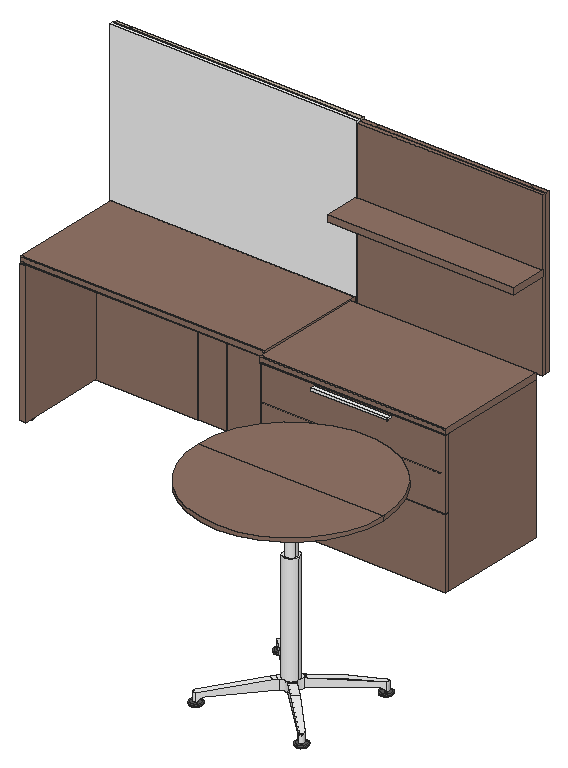
Revit family "FLV012", category Furniture, Revit 2019
Family settings
  OmniClass Number = 23.40.20.00
  OmniClass Title = General Furniture and Specialties
  Work Plane-Based = No
  Always vertical = Yes
  Cut with Voids When Loaded = No
  Shared = No
  Room Calculation Point = No
Reference planes (in)
  plane 1 "Center Front/Back": y = 0
  plane 2: z = 0
  plane 3 "Center Left/Right": x = 0
Dimensions and locks (in)
  aligned and locked: level to plane 2
Nested families (in)
  nested 1: "JSI-Flux-Round-Pneumatic_Adjustable_Table" at (98.12746, -60.82849, 0), type "FLV3636RAT4B, Veneer 36x36 Round Pneumatic Adjustable Height Table"
  nested 2: "JSI-Flux-File_Strg_Crednz" at (60.55326, 0.65691, 0.00159), type "FLV2236-29F3, BBF Lt File Pdst, Veneer"
    with Width 3' - 0", Void_Dist 0' - 0", R_Shocket Dist 1' - 2 5/8", R_Pull_Bottom no, R_Pull Dist 3' - 0 5/64", R_Pull no, R2_Partition no, R1_Partition no, L_Socket Dist 1' - 2 5/8", Shelf Width 2' - 9 5/8", Partition Dist 2' - 9 5/8", L_Pull Dist 2' - 1 39/128", L2_Partition no, L1_Partition no, Glide no, F444 no, F44 yes, F4 yes, F3 yes, F0 yes, Door Width 2' - 11 3/4", Door Array Dist 0' - 0", C_Pull_Bottom no, C_Pull Dist 1' - 6", C_Pull no, C_Doors no
  nested 3: "JSI-Flux-Wall_Mount_Mkrbrd" at (12.55326, 3.69593, -1.15587), type "FLB4832WMMB, Wall Mount Mkrbrd, Laminate"
    with Support Height 0' - 2 1/4", Height 2' - 8"
  nested 4: "JSI-Flux-Workwall_Panel" at (60.55326, 3.69593, -1.15587), type "FLV3632WPMS, Workwall Panel Mini Shelf, Veneer"
    with Width 3' - 0", Tray no, Tray_V_Dist 0' - 10 17/32", Tr no, Support Width 2' - 0", Tray_H_Dist 0' - 10 1/32", R_Bracket Dist 0' - 3 13/16", Height 2' - 8", Cup Dist 0' - 10 17/32", Cup_H_Dist 2' - 5", Cup no, Clip no, Clip Dist 1' - 9", L_Bracket Dist 0' - 3 13/16", Acc no
  nested 5: "JSI-Flux-Adj_Cred_Extn" at (12.55326, 2.16427, 0), type "FLV2248-29FAHCE, Adjs Cred Extns, Ven"
    with Height 2' - 5", Width 4' - 0"
Definition of nested family "JSI-Flux-Round-Pneumatic_Adjustable_Table"
  Parameters (values of type "FLT3030RAT4B, Laminate 30x30 Round Pneumatic Adjustable Height Table")
    Worksurface = none
    Width = 2' - 6"
    URL = "www.jsifurniture.com"
    Type Comments = ""
    Support = none
    Series = "FLUX"  # constant formula
    Legs = none
    Model = "FLT3030RAT4B"
    Material = ""
    Manufacturer = "JSI"  # constant formula
    Keynote = "12500"
    JSI Enviromental Website = "http://www.jsifurniture.com/jsi_sustainability_intro.php"
    Height = 3' - 2"
    Glides = none
    Description = "Round Pneumatic Adjustable Height Table, Depth 30”, Width 30”, Laminate"
    Depth = 2' - 6"
    Assembly Code = "E2020200"
  Types (4): name | Width | Model | Description | Depth
    FLV3030RAT4B, Veneer 30x30 Round Pneumatic Adjustable Height Table | 2' - 6" | "FLV3030RAT4B" | "Round Pneumatic Adjustable Height Table, Depth 30”, Width 30”, Venner" | 2' - 6"
    FLT3030RAT4B, Laminate 30x30 Round Pneumatic Adjustable Height Table | 2' - 6" | "FLT3030RAT4B" | "Round Pneumatic Adjustable Height Table, Depth 30”, Width 30”, Laminate" | 2' - 6"
    FLV3636RAT4B, Veneer 36x36 Round Pneumatic Adjustable Height Table | 3' - 0" | "FLV3636RAT4B" | "Round Stationary Height Table, Depth 36”, Width 36”, Veneer" | 3' - 0"
    FLT3636RAT4B, Laminate 36x36 Round Pneumatic Adjustable Height Table | 3' - 0" | "FLT3636RAT4B" | "Round Stationary Height Table, Depth 36”, Width 36”, Laminate" | 3' - 0"
  Reference planes (in)
    plane 1: z = 0
    plane 2 "Center (Left/Right)": x = -36.06413
    plane 3: z = 38
    plane 4 "Center (Front/Back)": y = 10.75
    plane 5: z = 37.25
    plane 6: z = 37
    plane 7: y = 25.75
    plane 8: y = -4.25
    plane 9: x = -51.06413
    plane 10: x = -21.06413
    plane 11: through (-41.94098, 16.62684, 48) normal (-0.7071, -0.7071, 0)
    plane 12: through (-30.05373, 16.76041, 48) normal (-0.7071, 0.7071, 0)
    plane 13: z = 25
  Forms (in)
    Revolve 1, solid, material <- "Support"
      sketch origin (0, 10.75, 0) x (1, 0, 0) y (0, 0, 1)
        loop
          line (-42.06413, 37.25) -> (-42.06413, 37) -> (-36.06413, 37) -> (-36.06413, 37.25) -> (-42.06413, 37.25)
        axis (-36.06413, 37) -> (-36.06413, 37.25)
      angle from 0 to 360
    Revolve 2, solid, material <- "Worksurface"
      sketch origin (0, 10.75, 0) x (1, 0, 0) y (0, 0, 1)
        loop
          line (-51.06413, 38) -> (-51.06413, 37.25) -> (-36.06413, 37.25) -> (-36.06413, 38) -> (-51.06413, 38)
        axis (-36.06413, 37.25) -> (-36.06413, 38)
      angle from 0 to 360
    Extrusion 3, solid, material <- "Legs"
      sketch origin (0, 0, 0) x (1, 0, 0) y (0, 1, 0)
        loop
          circle (-36.06413, 10.75) r 1.5
      from 3.75642 to 25
    Extrusion 4, solid, material <- "Legs"
      sketch origin (0, 0, 0) x (1, 0, 0) y (0, 1, 0)
        loop
          circle (-36.06413, 10.75) r 1
      from 25 to 37
  Lines and regions (in)
    symbolic lines, detail levels fine
      curve 1: circle (-36.06413, 10.75, 0) r 6 normal (0, 0, 1)
    symbolic lines
      curve 2: circle (-36.06413, 10.75, 0) r 15 normal (0, 0, 1)
  Dimensions and locks (in)
    "Height": plane 3 to level
    locked: plane 3 to plane 5 at 0.75
    locked: plane 5 to plane 6 at 0.25
    equal spacing: plane 9, plane 2 "Center (Left/Right)", plane 10
    "Width": plane 9 to plane 10
    equal spacing: plane 7, plane 4 "Center (Front/Back)", plane 8
    "Depth": plane 7 to plane 8
    locked: plane 13 to plane 1 at 25
    "Width": diameter of curve 2
    radius of Extrusion 3 sketch curve = 0' - 1 1/2"
    radius of Extrusion 4 sketch curve = 0' - 1"
    aligned and locked: plane 1 to level
    aligned and locked: plane 11 to nested 1
    aligned and locked: plane 12 to nested 1
    aligned and locked: Revolve 2 sketch curve to plane 3
    aligned and locked: plane 9 to Revolve 2 sketch curve
    aligned and locked: Revolve 2 sketch curve to plane 5
    aligned and locked: Extrusion 3 to nested 1
    aligned and locked: plane 13 to Extrusion 3
    aligned and locked: Extrusion 4 to plane 13
    aligned and locked: Extrusion 4 to plane 6
  Automatic sketch dimensions
    Revolve 1 sketch curve to plane 5 = 0' - 0"
    Revolve 1 sketch curve to plane 6 = 0' - 0"  (x2)
    Revolve 1 sketch curve to plane 2 "Center (Left/Right)" = 0' - 0"  (x2)
    Revolve 1 sketch curve to plane 3 = 0' - 0"
    Revolve 1 sketch curve to Revolve 1 sketch curve = 0' - 6"
    Revolve 2 sketch curve to plane 2 "Center (Left/Right)" = 0' - 0"  (x2)
    Revolve 2 sketch curve to Revolve 2 sketch curve = 0' - 0 3/8"
    plane 3 to Revolve 2 sketch curve = 0' - 0 5/8"
    curve 1 to curve 2 = 0' - 0"  (x2)
    curve 2 to plane 2 "Center (Left/Right)" = 0' - 0"
    plane 4 "Center (Front/Back)" to curve 2 = 0' - 0"
    Extrusion 3 sketch curve to plane 2 "Center (Left/Right)" = 0' - 0"
    plane 4 "Center (Front/Back)" to Extrusion 3 sketch curve = 0' - 0"
    Extrusion 4 sketch curve to plane 2 "Center (Left/Right)" = 0' - 0"
    plane 4 "Center (Front/Back)" to Extrusion 4 sketch curve = 0' - 0"
    radius of curve 1 = 0' - 6"
  Nested families (in)
    nested 1: "Leg" at (-36.06413, 10.75, 0) x (0.7071, -0.7071, 0) z (0, 0, 1), Leg <- "Legs", Glides <- "Glides", type "LG"
      with Leg none, Glides none
  Definition of nested family "Leg"
    Parameters
      Leg [instance] = none
      Glides [instance] = none
    Reference planes (in)
      plane 1 "Center (Front/Back)": y = 0
      plane 2: z = 0
      plane 3 "Center (Left/Right)": x = 0
    Forms (in)
      Extrusion 1, solid, material <- "Leg"
        sketch origin (0, 0, 0) x (1, 0, 0) y (0, 0, 1)
          loop
            line (-0.75, 3.75) -> (-2.20054, 3.75)
            arc (-2.20054, 3.75) -> (-2.28452, 3.74948) -> (-2.36849, 3.74791) r 6.76178
            arc (-2.36849, 3.74791) -> (-8.68846, 3.25467) -> (-14.92066, 2.09494) r 59.77845
            arc (-14.92066, 2.09494) -> (-15.00208, 2.0437) -> (-15.03594, 1.95365) r 0.15077
            line (-15.03594, 1.95365) -> (-15.07979, 0.69775)
            arc (-15.07979, 0.69775) -> (-15.05871, 0.64281) -> (-15.00454, 0.61981) r 0.0753
            line (-15.00454, 0.61981) -> (-14.44703, 0.61981)
            arc (-14.44703, 0.61981) -> (-14.42739, 0.62795) -> (-14.41925, 0.6476) r 0.02778
            line (-14.41925, 0.6476) -> (-14.41925, 0.70379)
            arc (-14.41925, 0.70379) -> (-14.41195, 0.73627) -> (-14.39147, 0.7625) r 0.07593
            line (-14.39147, 0.7625) -> (-14.1971, 0.92194) -> (-13.56147, 1.31913)
            arc (-13.56147, 1.31913) -> (-13.4254, 1.38495) -> (-13.27838, 1.42011) r 0.70161
            arc (-13.27838, 1.42011) -> (-7.02608, 1.96894) -> (-0.75, 2.02611) r 80.02661
            line (-0.75, 2.02611) -> (-0.75, 3.75)
        from -1.10285 to 1.0306
      Extrusion 2, void
        sketch origin (0, 0, 0) x (1, 0, 0) y (0, 1, 0)
          loop
            line (-14.55691, 0.48872) -> (-0.75, 0.72972) -> (-0.75, 1.70351) -> (-16.50119, 1.70351) -> (-16.50119, -2.29649) -> (-0.75, -2.29649) -> (-0.75, -0.74461) -> (-14.55691, -0.50361)
            arc (-14.55691, -0.50361) -> (-15.04448, -0.00745) -> (-14.55691, 0.48872) r 0.49624
        from 0 to 12
      Extrusion 3, solid, material <- "Leg"
        sketch origin (0, 0, 0) x (-1, 0, 0) y (0, 0, -1)
          loop
            line (-0.74791, -3.75) -> (-0.74791, -2.02605)
            arc (-0.74791, -2.02605) -> (-7.02504, -1.969) -> (-13.27838, -1.42011) r 80.02661
            arc (-13.27838, -1.42011) -> (-13.4254, -1.38495) -> (-13.56147, -1.31913) r 0.70161
            line (-13.56147, -1.31913) -> (-14.1971, -0.92194) -> (-14.39147, -0.7625)
            arc (-14.39147, -0.7625) -> (-14.41195, -0.73627) -> (-14.41925, -0.70379) r 0.07593
            line (-14.41925, -0.70379) -> (-14.41925, -0.6476)
            arc (-14.41925, -0.6476) -> (-14.42739, -0.62795) -> (-14.44703, -0.61981) r 0.02778
            line (-14.44703, -0.61981) -> (-15.00454, -0.61981)
            arc (-15.00454, -0.61981) -> (-15.05871, -0.64281) -> (-15.07979, -0.69775) r 0.0753
            line (-15.07979, -0.69775) -> (-15.03594, -1.95365)
            arc (-15.03594, -1.95365) -> (-15.00208, -2.0437) -> (-14.92066, -2.09494) r 0.15077
            arc (-14.92066, -2.09494) -> (-10.28979, -3.0217) -> (-5.60021, -3.58) r 59.77845
            arc (-5.60021, -3.58) -> (-3.45063, -3.70748) -> (-1.29769, -3.75) r 54.53193
            line (-1.29769, -3.75) -> (-0.74791, -3.75)
        from -1.10285 to 1.0306
      Extrusion 4, solid, material <- "Leg"
        sketch origin (-0.03613, 0.03613, 0) x (0, -1, 0) y (0, 0, 1)
          loop
            line (-0.71387, 3.75) -> (-2.24983, 3.75)
            arc (-2.24983, 3.75) -> (-2.28238, 3.74981) -> (-2.31494, 3.74922) r 2.71957
            arc (-2.31494, 3.74922) -> (-8.6619, 3.25816) -> (-14.92066, 2.09494) r 59.77845
            arc (-14.92066, 2.09494) -> (-15.00208, 2.0437) -> (-15.03594, 1.95365) r 0.15077
            line (-15.03594, 1.95365) -> (-15.07979, 0.69775)
            arc (-15.07979, 0.69775) -> (-15.05871, 0.64281) -> (-15.00454, 0.61981) r 0.0753
            line (-15.00454, 0.61981) -> (-14.44703, 0.61981)
            arc (-14.44703, 0.61981) -> (-14.42739, 0.62795) -> (-14.41925, 0.6476) r 0.02778
            line (-14.41925, 0.6476) -> (-14.41925, 0.70379)
            arc (-14.41925, 0.70379) -> (-14.41195, 0.73627) -> (-14.39147, 0.7625) r 0.07593
            line (-14.39147, 0.7625) -> (-14.1971, 0.92194) -> (-13.56147, 1.31913)
            arc (-13.56147, 1.31913) -> (-13.4254, 1.38495) -> (-13.27838, 1.42011) r 0.70161
            arc (-13.27838, 1.42011) -> (-7.00803, 1.96982) -> (-0.71387, 2.02502) r 80.02661
            line (-0.71387, 2.02502) -> (-0.71387, 3.75)
        from -1.10285 to 1.0306
      Extrusion 5, solid, material <- "Leg"
        sketch origin (-0.03613, 0.03613, 0) x (0, 1, 0) y (0, 0, -1)
          loop
            line (-0.78352, -3.75) -> (-0.78352, -2.02712)
            arc (-0.78352, -2.02712) -> (-7.04283, -1.96813) -> (-13.27838, -1.42011) r 80.02661
            arc (-13.27838, -1.42011) -> (-13.4254, -1.38495) -> (-13.56147, -1.31913) r 0.70161
            line (-13.56147, -1.31913) -> (-14.1971, -0.92194) -> (-14.39147, -0.7625)
            arc (-14.39147, -0.7625) -> (-14.41195, -0.73627) -> (-14.41925, -0.70379) r 0.07593
            line (-14.41925, -0.70379) -> (-14.41925, -0.6476)
            arc (-14.41925, -0.6476) -> (-14.42739, -0.62795) -> (-14.44703, -0.61981) r 0.02778
            line (-14.44703, -0.61981) -> (-15.00454, -0.61981)
            arc (-15.00454, -0.61981) -> (-15.05871, -0.64281) -> (-15.07979, -0.69775) r 0.0753
            line (-15.07979, -0.69775) -> (-15.03594, -1.95365)
            arc (-15.03594, -1.95365) -> (-15.00208, -2.0437) -> (-14.92066, -2.09494) r 0.15077
            arc (-14.92066, -2.09494) -> (-9.01897, -3.21021) -> (-3.03515, -3.72763) r 59.77845
            arc (-3.03515, -3.72763) -> (-2.41385, -3.74441) -> (-1.79235, -3.75) r 34.5321
            line (-1.79235, -3.75) -> (-0.78352, -3.75)
        from -1.10285 to 1.0306
      Extrusion 6, void
        sketch origin (0, 0, 0) x (-1, 0, 0) y (0, -1, 0)
          loop
            arc (-14.55691, -0.48872) -> (-15.04448, 0.00745) -> (-14.55691, 0.50361) r 0.49624
            line (-14.55691, 0.50361) -> (-0.74791, 0.74465) -> (-0.74791, 2.29649) -> (-16.50119, 2.29649) -> (-16.50119, -1.70351) -> (-0.74791, -1.70351) -> (-0.74791, -0.72975) -> (-14.55691, -0.48872)
        from 0 to 12
      Extrusion 7, void
        sketch origin (0, 0, 0) x (1, 0, 0) y (0, 1, 0)
          loop
            arc (-0.47855, 14.53044) -> (0.02322, 15.02291) -> (0.52377, 14.52919) r 0.50122
            line (0.52377, 14.52919) -> (0.73, 0.75) -> (1.68672, 0.75) -> (1.68672, 16.01475) -> (-1.68828, 16.01475) -> (-1.68828, 0.75) -> (-0.71909, 0.75) -> (-0.47855, 14.53044)
        from 0 to 12
      Extrusion 8, void
        sketch origin (0, 0, 0) x (1, 0, 0) y (0, 1, 0)
          loop
            line (-0.47855, -14.53044) -> (-0.72233, -0.56407) -> (-1.68828, -0.56407) -> (-1.68828, -16.01475) -> (1.68672, -16.01475) -> (1.68672, -0.56407) -> (0.73278, -0.56407) -> (0.52377, -14.52919)
            arc (0.52377, -14.52919) -> (0.02322, -15.02291) -> (-0.47855, -14.53044) r 0.50122
        from 0 to 12
      Extrusion 9, solid, material <- "Leg"
        sketch origin (0, 0, 0) x (1, 0, 0) y (0, 1, 0)
          loop
            line (-1.90725, 0.70952) -> (-1.90725, -0.70952)
            arc (-1.90725, -0.70952) -> (-1.07649, -1.1791) -> (-0.69632, -2.05439) r 1.50197
            line (-0.69632, -2.05439) -> (0.69632, -2.05439)
            arc (0.69632, -2.05439) -> (1.07649, -1.1791) -> (1.90725, -0.70952) r 1.50197
            line (1.90725, -0.70952) -> (1.90725, 0.70952)
            arc (1.90725, 0.70952) -> (1.07649, 1.1791) -> (0.69632, 2.05439) r 1.50197
            line (0.69632, 2.05439) -> (-0.69632, 2.05439)
            arc (-0.69632, 2.05439) -> (-1.07649, 1.1791) -> (-1.90725, 0.70952) r 1.50197
        from 2.00819 to 3.75642
      Revolve 10, solid, material <- "Leg"
        sketch origin (0, 0, 0) x (1, 0, 0) y (0, 0, 1)
          loop
            line (0, 2.05426) -> (-1.16333, 2.05426) -> (-1.16333, 1.71999)
            arc (-1.16333, 1.71999) -> (-1.14097, 1.66602) -> (-1.087, 1.64366) r 0.07633
            line (-1.087, 1.64366) -> (0, 1.64366) -> (0, 2.05426)
          axis (0, 1.64366) -> (0, 2.05426)
        angle from 0 to 360
      Revolve 11, solid, material <- "Glides"
        sketch origin (0, 0, 0) x (1, 0, 0) y (0, 0, 1)
          loop
            line (-14.51957, 1.36981) -> (-14.75934, 1.36981) -> (-14.75934, 0.36981) -> (-15.57513, 0.36981)
            arc (-15.57513, 0.36981) -> (-15.66284, 0.33348) -> (-15.69917, 0.24577) r 0.12404
            line (-15.69917, 0.24577) -> (-15.69917, 0.1176)
            arc (-15.69917, 0.1176) -> (-15.66472, 0.03445) -> (-15.58156, 0) r 0.1176
            line (-15.58156, 0) -> (-14.51957, 0) -> (-14.51957, 1.36981)
          axis (-14.51957, 1.36981) -> (-14.51957, 0)
        angle from 0 to 360
      Revolve 12, solid, material <- "Glides"
        sketch origin (0, 0, 0) x (-1, 0, 0) y (0, 0, 1)
          loop
            line (-14.51957, 1.36981) -> (-14.75934, 1.36981) -> (-14.75934, 0.36981) -> (-15.57513, 0.36981)
            arc (-15.57513, 0.36981) -> (-15.66284, 0.33348) -> (-15.69917, 0.24577) r 0.12404
            line (-15.69917, 0.24577) -> (-15.69917, 0.1176)
            arc (-15.69917, 0.1176) -> (-15.66472, 0.03445) -> (-15.58156, 0) r 0.1176
            line (-15.58156, 0) -> (-14.51957, 0) -> (-14.51957, 1.36981)
          axis (-14.51957, 1.36981) -> (-14.51957, 0)
        angle from 0 to 360
      Revolve 13, solid, material <- "Glides"
        sketch origin (-14.49612, 14.51452, 0) x (-1, 0, 0) y (0, 0, 1)
          loop
            line (-14.51957, 1.36981) -> (-14.75934, 1.36981) -> (-14.75934, 0.36981) -> (-15.57513, 0.36981)
            arc (-15.57513, 0.36981) -> (-15.66284, 0.33348) -> (-15.69917, 0.24577) r 0.12404
            line (-15.69917, 0.24577) -> (-15.69917, 0.1176)
            arc (-15.69917, 0.1176) -> (-15.66472, 0.03445) -> (-15.58156, 0) r 0.1176
            line (-15.58156, 0) -> (-14.51957, 0) -> (-14.51957, 1.36981)
          axis (-14.51957, 1.36981) -> (-14.51957, 0)
        angle from 0 to 360
      Revolve 14, solid, material <- "Glides"
        sketch origin (-14.49612, -14.51452, 0) x (-1, 0, 0) y (0, 0, 1)
          loop
            line (-14.51957, 1.36981) -> (-14.75934, 1.36981) -> (-14.75934, 0.36981) -> (-15.57513, 0.36981)
            arc (-15.57513, 0.36981) -> (-15.66284, 0.33348) -> (-15.69917, 0.24577) r 0.12404
            line (-15.69917, 0.24577) -> (-15.69917, 0.1176)
            arc (-15.69917, 0.1176) -> (-15.66472, 0.03445) -> (-15.58156, 0) r 0.1176
            line (-15.58156, 0) -> (-14.51957, 0) -> (-14.51957, 1.36981)
          axis (-14.51957, 1.36981) -> (-14.51957, 0)
        angle from 0 to 360
    Cuts and joins
      Extrusion 2, Extrusion 6 cuts Extrusion 1
      Extrusion 6 cuts Extrusion 3
      Extrusion 6, Extrusion 7, Extrusion 8 cuts Extrusion 4
      Extrusion 8 cuts Extrusion 5
      joined: Extrusion 1, Extrusion 3, Extrusion 4, Extrusion 5, Extrusion 9
    Lines and regions (in)
      symbolic lines, detail levels fine
        curve 1: line (-14.56621, 0.48679, 0) -> (-2.16753, 0.70498, 0)
        curve 2: line (-14.56579, -0.50418, 0) -> (-2.16871, -0.71162, 0)
        curve 3: arc (-14.56621, 0.48679, 0) -> (-15.05305, -0.0089, 0) -> (-14.56579, -0.50418, 0) r 0.49556
        curve 4: arc (-13.4488, 0.50646, 0) -> (-15.69781, -0.00821, 0) -> (-13.4488, -0.52287, 0) r 1.18339
        curve 5: line (14.56621, 0.48679, 0) -> (2.182, 0.70472, 0)
        curve 6: line (14.56579, -0.50418, 0) -> (2.1832, -0.71138, 0)
        curve 7: arc (14.56621, 0.48679, 0) -> (15.05305, -0.0089, 0) -> (14.56579, -0.50418, 0) r 0.49556
        curve 8: arc (13.4488, 0.50646, 0) -> (15.69781, -0.00821, 0) -> (13.4488, -0.52287, 0) r 1.18339
        curve 9: line (-0.47841, 14.53837, 0) -> (-0.69415, 2.17857, 0)
        curve 10: line (0.52365, 14.53712, 0) -> (0.70856, 2.18204, 0)
        curve 11: arc (-0.47841, 14.53837, 0) -> (0.02323, 15.03072, 0) -> (0.52365, 14.53712, 0) r 0.5011
        curve 12: arc (-0.49727, 13.45807, 0) -> (0.02127, 15.68819, 0) -> (0.5398, 13.45807, 0) r 1.17534
        curve 13: line (-0.47841, -14.53837, 0) -> (-0.69403, -2.18523, 0)
        curve 14: line (0.52365, -14.53712, 0) -> (0.70846, -2.18872, 0)
        curve 15: arc (-0.47841, -14.53837, 0) -> (0.02323, -15.03072, 0) -> (0.52365, -14.53712, 0) r 0.5011
        curve 16: arc (-0.49727, -13.45807, 0) -> (0.02127, -15.68819, 0) -> (0.5398, -13.45807, 0) r 1.17534
        curve 17: arc (-2.16753, 0.70498, 0) -> (-1.13319, 1.14416, 0) -> (-0.69415, 2.17857, 0) r 1.5
        curve 18: arc (-2.16871, -0.71162, 0) -> (-1.13353, -1.15037, 0) -> (-0.69403, -2.18523, 0) r 1.5
        curve 19: arc (0.70856, 2.18204, 0) -> (1.14634, 1.14523, 0) -> (2.182, 0.70472, 0) r 1.5
        curve 20: arc (2.1832, -0.71138, 0) -> (1.1467, -1.15144, 0) -> (0.70846, -2.18872, 0) r 1.5
        curve 21: circle (0, 0, 0) r 1.16333 normal (0, 0, 1)
    Dimensions and locks (in)
      aligned and locked: plane 2 to level
Definition of nested family "JSI-Flux-File_Strg_Crednz"
  Parameters (values of type "Type Catalog - File Strg Crdnz")
    Worksurface = none
    Width = 8' - 0"
    Void_Dist = if(F3, 0' 0", 0' 2")  # 0' - 2"
    URL = "www.jsifurniture.com"
    Type Comments = "2 Drawers - 2 Drawers"
    TAG = if(F444, "2 Drawers - 2 Drawers - 2 Drawers", (if(F44, (if(F0, (if(F4, (if(F3, "BBF", "2 Drawers")), "Open")), "2 Drawers - 2 Drawers")), (if(F044, "Open - 2 Drawers - 2 Drawers", (if(F440, "2 Drawers - 2 Drawers - Open", (if(F04, "Open - 2 Drawers", (if(F40, "2 Drawers - Open", (if(F404, "2 Drawers - Open - 2 Drawers", (if(F040, (if(F0, "Open", "Open - 2 Drawers - Open")), (if(F909, "1 Door - Open - 1 Door", (if(F090, "Open - 1 Door - Open", (if(F09, (if(F0, "Open", "Open - 1 Door")), "Open")))))))))))))))))))))  # "2 Drawers - 2 Drawers - 2 Drawers"
    R_Shocket Dist = if(F444, Width + 0' 1", (if(F044, Width + 0' 1", (if(F404, ((Width / 2) - 0' 3"), ((Partition Dist / 2) + 0' 0 13/16" - 0' 3"))))))  # 8' - 1"
    R_Pull_Bottom = if(F440, 1 > 2, (if(F40, 1 > 2, (if(F040, 1 > 2, (if(F909, 1 > 2, (if(F090, 1 > 2, (if(F09, 1 > 2, (if(F0, 1 > 2, 2 > 1)))))))))))))  # yes
    R_Pull Dist = if(F44, (Door Width + 0' 0 1/4" + 0' 0 5/64"), (if(F04, (Door Width + 0' 0 1/4" + 0' 0 5/64"), (Door Width + (Width - ((Door Width + 0' 0 1/8") * 2) + 0' 0 13/64")))))  # 5' - 3.61979"
    R_Pull = if(F440, 1 > 2, (if(F40, 1 > 2, (if(F040, 1 > 2, (if(F090, 1 > 2, (if(F0, 1 > 2, 2 > 1)))))))))  # yes
    R2_Partition = if(F440, 1 > 2, (if(F40, 1 > 2, (if(F09, 1 > 2, (if(Width < 3' 4", 1 > 2, 2 > 1)))))))  # yes
    R1_Partition = if(F04, 1 > 2, (if(F404, 1 > 2, (if(F040, 1 > 2, (if(F909, 1 > 2, (if(F090, 1 > 2, (if(Width < 3' 4", 1 > 2, 2 > 1)))))))))))  # yes
    L_Socket Dist = if(F444, Width + 0' 1", (if(F440, Width + 0' 1", (if(F404, ((Width / 2) - 0' 3"), ((Partition Dist / 2) + 0' 0 13/16" - 0' 3"))))))  # 8' - 1"
    Shelf Width = if(F044, Partition Dist + 0' 0 3/4", (if(F440, Partition Dist + 0' 0 3/4", (if(F04, Partition Dist + 0' 0 3/4", Partition Dist)))))  # 2' - 6.95833"
    Shelf Dist. = if(F440, ((Partition Dist * 2) + 0' 0 3/4" + 0' 0 13/16"), (if(F40, (Partition Dist + 0' 0 3/4" + 0' 0 13/16"), (if(F404, (Partition Dist + 0' 0 3/4" + 0' 0 13/16"), 0' 0 13/16")))))  # 0' - 0 13/16"
    Shelf Array Dist = if(F040, ((Shelf Width * 2) + 0' 1 1/2"), (if(F909, Shelf Width + 0' 0 3/4", (if(F090, Shelf Width + 0' 0 3/4", (if(F09, Shelf Width + 0' 0 3/4", 0' 0")))))))  # 0' - 0"
    Partition Dist = if(Width > 6' 6", ((Width - 0' 1 5/8" - 0' 1 1/2") / 3), (if(Width > 3' 0", (((Width - 0' 1 5/8") / 2) - 0' 0 3/4"), (Width - 0' 0 3/4" - 0' 1 5/8"))))  # 2' - 6.95833"
    Shelf = none
    Series = "FLUX"  # constant formula
    Pull Finish = none
    Model = ""
    Manufacturer = "JSI"  # constant formula
    L_Pull_Bottom = if(F044, (if(F4, 2 > 1, 1 > 2)), (if(F04, 1 > 2, (if(F040, 1 > 2, (if(F909, 1 > 2, (if(F090, 1 > 2, (if(F09, 1 > 2, (if(F0, (if(F4, 2 > 1, 1 > 2)), 2 > 1)))))))))))))  # yes
    L_Pull Dist = if(F4, (Door Width / 2) + 0' 7 55/128", Door Width + 0' 0 1/8" - 0' 0 5/64")  # 2' - 8.38021"
    L_Pull = if(F044, (if(F4, 2 > 1, 1 > 2)), (if(F04, 1 > 2, (if(F040, 1 > 2, (if(F090, 1 > 2, (if(F09, 1 > 2, (if(F0, (if(F4, 2 > 1, 1 > 2)), 2 > 1)))))))))))  # yes
    L2_Partition = if(F40, 1 > 2, (if(F404, 1 > 2, (if(F040, 1 > 2, (if(F909, 1 > 2, (if(F090, 1 > 2, (if(F09, 1 > 2, (if(Width < 3' 4", 1 > 2, 2 > 1)))))))))))))  # yes
    L1_Partition = if(F044, 1 > 2, (if(F04, 1 > 2, (if(Width < 3' 4", 1 > 2, 2 > 1)))))  # yes
    Keynote = "12500"
    JSI Enviromental Website = "http://www.jsifurniture.com/jsi_sustainability_intro.php"
    Height = 2' - 5"
    Glides = none
    Glide = if(F0, 1 > 2, 2 > 1)  # yes
    F909 = no
    F444 = yes
    F440 = no
    F44 = no
    F404 = no
    F40 = no
    F4 = no
    F3 = no
    F090 = no
    F09 = no
    F044 = no
    F040 = no
    F04 = no
    F0 = no
    Door Width = if(F09, Partition Dist + 0' 1 3/8" + 0' 0 3/4", (if(F4, Partition Dist + 0' 1 3/8" + 0' 0 3/4", Partition Dist + 0' 1 3/8")))  # 2' - 8.33333"
    Door Height = if(F909, (Height - 0' 1 5/16" - 0' 0 7/16"), (if(F090, (Height - 0' 1 5/16" - 0' 0 7/16"), if(F09, (Height - 0' 1 5/16" - 0' 0 7/16"), ((Height - 0' 1 5/16" - 0' 0 7/16" - 0' 0 1/8") / 2)))))  # 1' - 1 9/16"
    Door Dist = if(F044, ((Partition Dist * 2) + 0' 1 5/8"), (if(F04, (Partition Dist + 0' 1 5/8"), (if(F040, (Partition Dist + 0' 0 7/8"), (if(F090, (Partition Dist + 0' 0 7/8"), (if(F09, (Partition Dist + 0' 0 7/8"), 0' 0 1/8")))))))))  # 0' - 0 1/8"
    Door Array Dist = if(F404, (Door Width + Partition Dist + 0' 0 1/8"), (if(F909, (Door Width + Partition Dist + 0' 0 1/8"), (if(F444, (Door Width + Partition Dist + 0' 0 1/8"), (if(F44, (if(F4, 0' 0", (Door Width + 0' 0 1/8"))), 0' 0")))))))  # 5' - 3.41667"
    Door = if(F0, (if(F4, 2 > 1, 1 > 2)), 2 > 1)  # yes
    C_Pull_Bottom = if(F444, 2 > 1, (if(F044, 2 > 1, (if(F440, 2 > 1, (if(F040, (if(F0, 1 > 2, 2 > 1)), 1 > 2)))))))  # yes
    C_Pull Dist = if(F044, Door Width + 0' 0 1/8" + 0' 7 55/128" + 0' 0 13/64", (if(F440, (Door Width + (Width - ((Door Width + 0' 0 1/8") * 2) - 0' 0 5/64" - 0' 7 55/128")), Width / 2)))  # 4' - 0"
    C_Pull = if(F444, 2 > 1, (if(F044, 2 > 1, (if(F440, 2 > 1, (if(F090, 2 > 1, (if(F040, (if(F0, 1 > 2, 2 > 1)), 1 > 2)))))))))  # yes
    C_Doors = if(F444, 2 > 1, (if(F044, 2 > 1, (if(F440, 2 > 1, 1 > 2)))))  # yes
    Back Panel = none
    Door Front = none
    Description = ""
    Depth = 1' - 10"
    Chassis = none
    Assembly Code = "E2020200"
    # of Shelf = if(F909, 3, (if(F090, 3, 2)))  # 2
    # of Doors = 2
  Reference planes (in)
    plane 1: z = 0
    plane 2 "Center (Left/Right)": x = -36.06413
    plane 3 "Center (Front/Back)": y = 10.75
    plane 4: x = 59.93587
    plane 5: x = -36.00163
    plane 6: y = 10.6875
    plane 7: x = 59.87337
    plane 8: x = 11.93587
    plane 9: y = 10.625
    plane 10: y = -11.25
    plane 11: y = -11.125
    plane 12: y = -10.375
    plane 13: y = 9.875
    plane 14: y = 8.6875
    plane 15: y = 6.5
    plane 16: y = 6
    plane 17: y = 5.875
    plane 18: y = -6.375
    plane 19: y = -8.125
    plane 20: z = 0.3125
    plane 21: z = 1.5
    plane 22: z = 2.25
    plane 23: z = 29
    plane 24: z = 27.8125
    plane 25: z = 27.0625
    plane 26: z = 25.0625
    plane 27: z = 14.65625
    plane 28: z = 15.03125
    plane 29: z = 14.28125
    plane 30: x = -4.2933
    plane 31: x = 28.16503
    plane 32: x = -3.5433
    plane 33: x = 27.41503
    plane 34: x = -35.25163
    plane 35: x = 59.12337
    plane 36: x = 9.93587
    plane 37: x = 13.93587
    plane 38: y = 8.4375
    plane 39: z = 17.15625
    plane 40: x = 60.93587
    plane 41: x = 66.93587
    plane 42: x = 8.93587
    plane 43: x = 14.93587
    plane 44: y = 9.375
    plane 45: y = 6.875
    plane 46: z = 27.6875
    plane 47: z = 0.4375
    plane 48: z = 14
    plane 49: z = 14.125
    plane 50: x = -35.93913
    plane 51: x = 59.81087
    plane 52: x = -2.7933
    plane 53: x = 26.66503
    plane 54: x = -3.6058
    plane 55: x = -3.4808
    plane 56: x = 27.35253
    plane 57: x = 27.47753
    plane 58: x = -3.25163
    plane 59: x = 27.7067
    plane 60: x = 61.93587
    plane 61: x = 65.93587
    plane 62: x = -43.06413
    plane 63: x = -37.06413
    plane 64: x = -42.06413
    plane 65: x = -38.06413
    plane 66: x = -34.93913
    plane 67: x = 58.12337
    plane 68: y = -9.375
    plane 69: z = 27.48438
    plane 70: z = 13.79688
    plane 71: x = -3.68393
    plane 72: x = 11.93587
    plane 73: x = 27.55566
    plane 74: x = 11.93587
    plane 75: z = 20.90625
    plane 76: z = 20.96875
    plane 77: z = 20.84375
    plane 78: z = 20.64063
    plane 79: y = -12.375
    plane 80: y = -13.375
  Forms (in)
    Extrusion 1, solid, material <- "Chassis"
      sketch origin (0, 0, 0) x (1, 0, 0) y (0, 1, 0)
        loop
          line (-36.00163, 10.6875) -> (-36.00163, -10.375) -> (-35.25163, -10.375) -> (-35.25163, 10.6875) -> (-36.00163, 10.6875)
      from 0.3125 to 27.8125
    Extrusion 2, solid, material <- "Chassis"
      sketch origin (0, 0, 0) x (1, 0, 0) y (0, 1, 0)
        loop
          line (59.12337, 10.6875) -> (59.12337, -10.375) -> (59.87337, -10.375) -> (59.87337, 10.6875) -> (59.12337, 10.6875)
      from 0.3125 to 27.8125
    Extrusion 3, solid, material <- "Worksurface"
      sketch origin (0, 0, 0) x (0, 1, 0) y (0, 0, 1)
        loop
          line (6, 27.0625) -> (6, 27.8125) -> (-10.375, 27.8125) -> (-10.375, 27.0625) -> (6, 27.0625)
      from -35.25163 to 59.12337
    Extrusion 4, solid, material <- "Chassis"
      sketch origin (0, 0, 0) x (0, 1, 0) y (0, 0, 1)
        loop
          line (9.875, 2.25) -> (-10.375, 2.25) -> (-10.375, 1.5) -> (9.875, 1.5) -> (9.875, 2.25)
      from -35.25163 to 59.12337
    Extrusion 5, solid, material <- "Chassis", visible <- "L1_Partition"
      sketch origin (0, 0, 0) x (0, 1, 0) y (0, 0, 1)
        loop
          line (6.5, 27.0625) -> (-10.375, 27.0625) -> (-10.375, 2.25) -> (9.875, 2.25) -> (9.875, 25.0625) -> (7, 25.0625)
          arc (7, 25.0625) -> (6.64645, 25.20895) -> (6.5, 25.5625) r 0.5
          line (6.5, 25.5625) -> (6.5, 27.0625)
      from -4.2933 to -3.5433
    Extrusion 6, solid, material <- "Chassis", visible <- "R2_Partition"
      sketch origin (0, 0, 0) x (0, 1, 0) y (0, 0, 1)
        loop
          line (6.5, 27.0625) -> (-10.375, 27.0625) -> (-10.375, 2.25) -> (9.875, 2.25) -> (9.875, 25.0625) -> (7, 25.0625)
          arc (7, 25.0625) -> (6.64645, 25.20895) -> (6.5, 25.5625) r 0.5
          line (6.5, 25.5625) -> (6.5, 27.0625)
      from 27.41503 to 28.16503
    Extrusion 7, solid, material <- "Back Panel"
      sketch origin (0, 0, 0) x (0, 1, 0) y (0, 0, 1)
        loop
          line (8.6875, 27.8125) -> (8.6875, 25.0625) -> (9.875, 25.0625) -> (9.875, 27.8125) -> (8.6875, 27.8125)
      from -35.25163 to 59.12337
    Extrusion 8, solid, material <- "Chassis"
      sketch origin (0, 0, 0) x (0, 1, 0) y (0, 0, 1)
        loop
          line (9.875, 1.5) -> (5.875, 1.5) -> (5.875, 0.3125) -> (9.875, 0.3125) -> (9.875, 1.5)
      from -35.25163 to 59.12337
    Extrusion 9, solid, material <- "Chassis"
      sketch origin (0, 0, 0) x (0, 1, 0) y (0, 0, 1)
        loop
          line (-6.375, 1.5) -> (-10.375, 1.5) -> (-10.375, 0.3125) -> (-6.375, 0.3125) -> (-6.375, 1.5)
      from -35.25163 to 59.12337
    Extrusion 10, solid, material <- "Shelf"
      sketch origin (-32, 0, 0) x (1, 0, 0) y (0, 1, 0)
        loop
          line (27.7067, -8.125) -> (27.7067, 9.875) -> (-3.25163, 9.875) -> (-3.25163, -8.125) -> (27.7067, -8.125)
      from 14.28125 to 15.03125
    Extrusion 11, solid, material <- "Back Panel"
      sketch origin (0, 0, 0) x (1, 0, 0) y (0, 1, 0)
        loop
          line (59.12337, 10.625) -> (-35.25163, 10.625) -> (-35.25163, 9.875) -> (59.12337, 9.875) -> (59.12337, 10.625)
      from 0.3125 to 27.8125
    Extrusion 12, solid, material <- "Chassis", visible <- "L2_Partition"
      sketch origin (0, 0, 0) x (0, 1, 0) y (0, 0, 1)
        loop
          line (6.5, 27.0625) -> (-10.375, 27.0625) -> (-10.375, 2.25) -> (9.875, 2.25) -> (9.875, 25.0625) -> (7, 25.0625)
          arc (7, 25.0625) -> (6.64645, 25.20895) -> (6.5, 25.5625) r 0.5
          line (6.5, 25.5625) -> (6.5, 27.0625)
      from -3.5433 to -2.7933
    Extrusion 13, solid, material <- "Chassis", visible <- "R1_Partition"
      sketch origin (0, 0, 0) x (0, 1, 0) y (0, 0, 1)
        loop
          line (6.5, 27.0625) -> (-10.375, 27.0625) -> (-10.375, 2.25) -> (9.875, 2.25) -> (9.875, 25.0625) -> (7, 25.0625)
          arc (7, 25.0625) -> (6.64645, 25.20895) -> (6.5, 25.5625) r 0.5
          line (6.5, 25.5625) -> (6.5, 27.0625)
      from 26.66503 to 27.41503
    Extrusion 14, void
      sketch origin (-1.5, 0, 0) x (1, 0, 0) y (0, 0, 1)
        loop
          line (62.43587, 16.15625) -> (62.43587, 15.65625)
          arc (62.43587, 15.65625) -> (62.72876, 14.94914) -> (63.43587, 14.65625) r 1
          line (63.43587, 14.65625) -> (67.43587, 14.65625)
          arc (67.43587, 14.65625) -> (68.14297, 14.94914) -> (68.43587, 15.65625) r 1
          line (68.43587, 15.65625) -> (68.43587, 16.15625)
          arc (68.43587, 16.15625) -> (68.14297, 16.86336) -> (67.43587, 17.15625) r 1
          line (67.43587, 17.15625) -> (63.43587, 17.15625)
          arc (63.43587, 17.15625) -> (62.72876, 16.86336) -> (62.43587, 16.15625) r 1
      from -10.75 to -9.875
    Extrusion 15, solid, material <- "Shelf"
      sketch origin (-32, 0, 0) x (1, 0, 0) y (0, 1, 0)
        loop
          line (27.7067, -8.125) -> (27.7067, 9.875) -> (-3.25163, 9.875) -> (-3.25163, -8.125) -> (27.7067, -8.125)
      from 14.28125 to 15.03125
    Extrusion 16, void
      sketch origin (0, 0, 0) x (1, 0, 0) y (0, 1, 0)
        loop
          line (65.93587, 10.75) -> (61.93587, 10.75) -> (61.93587, 9.875)
          arc (61.93587, 9.875) -> (62.08231, 9.52145) -> (62.43587, 9.375) r 0.5
          line (62.43587, 9.375) -> (65.43587, 9.375)
          arc (65.43587, 9.375) -> (65.78942, 9.52145) -> (65.93587, 9.875) r 0.5
          line (65.93587, 9.875) -> (65.93587, 10.75)
      from 14.28125 to 15.03125
    Extrusion 17, void
      sketch origin (18, 0, 0) x (1, 0, 0) y (0, 1, 0)
        loop
          line (-56.06413, 10.75) -> (-60.06413, 10.75) -> (-60.06413, 9.875)
          arc (-60.06413, 9.875) -> (-59.91769, 9.52145) -> (-59.56413, 9.375) r 0.5
          line (-59.56413, 9.375) -> (-56.56413, 9.375)
          arc (-56.56413, 9.375) -> (-56.21058, 9.52145) -> (-56.06413, 9.875) r 0.5
          line (-56.06413, 9.875) -> (-56.06413, 10.75)
      from 14.28125 to 15.03125
    Extrusion 18, void
      sketch origin (0, 0, 0) x (1, 0, 0) y (0, 0, 1)
        loop
          arc (-42.06413, 17.15625) -> (-42.77124, 16.86336) -> (-43.06413, 16.15625) r 1
          line (-43.06413, 16.15625) -> (-43.06413, 15.65625)
          arc (-43.06413, 15.65625) -> (-42.77124, 14.94914) -> (-42.06413, 14.65625) r 1
          line (-42.06413, 14.65625) -> (-38.06413, 14.65625)
          arc (-38.06413, 14.65625) -> (-37.35703, 14.94914) -> (-37.06413, 15.65625) r 1
          line (-37.06413, 15.65625) -> (-37.06413, 16.15625)
          arc (-37.06413, 16.15625) -> (-37.35703, 16.86336) -> (-38.06413, 17.15625) r 1
          line (-38.06413, 17.15625) -> (-42.06413, 17.15625)
      from -10.75 to -9.875
    Extrusion 19, solid, material <- "Door Front", visible <- "C_Doors"
      sketch origin (0, 0, 0) x (1, 0, 0) y (0, 1, 0)
        loop
          line (-3.4808, -10.375) -> (-3.4808, -11.125) -> (27.35253, -11.125) -> (27.35253, -10.375) -> (-3.4808, -10.375)
      from 0.4375 to 14
    Extrusion 20, solid, material <- "Door Front", visible <- "C_Doors"
      sketch origin (0, 0, 0) x (1, 0, 0) y (0, 1, 0)
        loop
          line (-3.4808, -10.375) -> (-3.4808, -11.125) -> (27.35253, -11.125) -> (27.35253, -10.375) -> (-3.4808, -10.375)
      from 14.125 to 27.6875
    Extrusion 21, solid, material <- "Door Front", visible <- "Door"
      sketch origin (0, 0, 0) x (1, 0, 0) y (0, 0, 1)
        loop
          line (-35.93913, 14) -> (-35.93913, 0.4375) -> (-3.6058, 0.4375) -> (-3.6058, 14) -> (-35.93913, 14)
      from 10.375 to 11.125
    Extrusion 22, solid, material <- "Door Front", visible <- "Door"
      sketch origin (0, 0, 0) x (1, 0, 0) y (0, 0, 1)
        loop
          line (-35.93913, 27.6875) -> (-35.93913, 14.125) -> (-3.6058, 14.125) -> (-3.6058, 27.6875) -> (-35.93913, 27.6875)
      from 10.375 to 11.125
    Extrusion 23, solid, material <- "Door Front", visible <- "Door"
      sketch origin (63.41667, 0, 0) x (1, 0, 0) y (0, 0, 1)
        loop
          line (-35.93913, 14) -> (-35.93913, 0.4375) -> (-3.6058, 0.4375) -> (-3.6058, 14) -> (-35.93913, 14)
      from 10.375 to 11.125
    Extrusion 24, solid, material <- "Door Front", visible <- "Door"
      sketch origin (63.41667, 0, 0) x (1, 0, 0) y (0, 0, 1)
        loop
          line (-35.93913, 27.6875) -> (-35.93913, 14.125) -> (-3.6058, 14.125) -> (-3.6058, 27.6875) -> (-35.93913, 27.6875)
      from 10.375 to 11.125
    Extrusion 25, solid, material <- "Worksurface"
      sketch origin (0, 0, 0) x (0, 1, 0) y (0, 0, 1)
        loop
          line (10.75, 29) -> (-11.125, 29)
          arc (-11.125, 29) -> (-11.21339, 28.96339) -> (-11.25, 28.875) r 0.125
          line (-11.25, 28.875) -> (-11.25, 27.9375)
          arc (-11.25, 27.9375) -> (-11.21339, 27.84911) -> (-11.125, 27.8125) r 0.125
          line (-11.125, 27.8125) -> (10.75, 27.8125) -> (10.75, 29)
      from -36.06413 to 59.93587
    Extrusion 26, solid, material <- "Glides"
      sketch origin (0, 0, 0) x (1, 0, 0) y (0, 1, 0)
        loop
          circle (-34.93913, 8.6875) r 0.5
      from 0 to 0.3125
    Extrusion 27, solid, material <- "Glides"
      sketch origin (0, 0, 0) x (1, 0, 0) y (0, 1, 0)
        loop
          circle (-34.93913, -9.375) r 0.5
      from 0 to 0.3125
    Extrusion 28, solid, material <- "Glides", visible <- "Glide"
      sketch origin (0, 0, 0) x (1, 0, 0) y (0, 1, 0)
        loop
          circle (-3.5433, 8.6875) r 0.5
      from 0 to 0.3125
    Extrusion 29, solid, material <- "Glides", visible <- "Glide"
      sketch origin (0, 0, 0) x (1, 0, 0) y (0, 1, 0)
        loop
          circle (-3.5433, -9.375) r 0.5
      from 0 to 0.3125
    Extrusion 30, solid, material <- "Glides", visible <- "Glide"
      sketch origin (0, 0, 0) x (1, 0, 0) y (0, 1, 0)
        loop
          circle (27.41503, 8.6875) r 0.5
      from 0 to 0.3125
    Extrusion 31, solid, material <- "Glides", visible <- "Glide"
      sketch origin (0, 0, 0) x (1, 0, 0) y (0, 1, 0)
        loop
          circle (27.41503, -9.375) r 0.5
      from 0 to 0.3125
    Extrusion 32, solid, material <- "Glides"
      sketch origin (0, 0, 0) x (1, 0, 0) y (0, 1, 0)
        loop
          circle (58.12337, 8.6875) r 0.5
      from 0 to 0.3125
    Extrusion 33, solid, material <- "Glides"
      sketch origin (0, 0, 0) x (1, 0, 0) y (0, 1, 0)
        loop
          circle (58.12337, -9.375) r 0.5
      from 0 to 0.3125
    Extrusion 34, void
      sketch origin (0, 0, 0) x (1, 0, 0) y (0, 1, 0)
        loop
          line (-3.5433, -12.375) -> (-36.06413, -12.375) -> (-36.06413, -13.375) -> (-3.5433, -13.375) -> (-3.5433, -12.375)
      from 20.84375 to 20.96875
  Cuts and joins
    Extrusion 14, Extrusion 18 cuts Extrusion 11
    Extrusion 16, Extrusion 17 cuts Extrusion 10
    Extrusion 16, Extrusion 17 cuts Extrusion 15
    Extrusion 34 cuts Extrusion 22
  Lines and regions (in)
    symbolic lines
      curve 1: line (59.93587, 10.75, 0) -> (-36.06413, 10.75, 0)
      curve 2: line (-36.06413, 10.75, 0) -> (-36.06413, -11.25, 0)
      curve 3: line (59.93587, -11.25, 0) -> (-36.06413, -11.25, 0)
      curve 4: line (59.93587, 10.75, 0) -> (59.93587, -11.25, 0)
    symbolic lines, detail levels medium+fine
      curve 5: line (-36.00163, 10.6875, 0) -> (-36.00163, -10.375, 0)
      curve 6: line (-35.25163, 10.6875, 0) -> (-36.00163, 10.6875, 0)
      curve 7: line (-35.25163, 10.6875, 0) -> (-35.25163, -10.375, 0)
      curve 8: line (-35.25163, -10.375, 0) -> (-36.00163, -10.375, 0)
      curve 9: line (59.12337, 10.6875, 0) -> (59.12337, -11.125, 0)
      curve 10: line (59.87337, 10.6875, 0) -> (59.87337, -11.125, 0)
      curve 11: line (59.87337, 10.6875, 0) -> (59.12337, 10.6875, 0)
      curve 12: line (59.87337, -11.125, 0) -> (59.12337, -11.125, 0)
      curve 13: line (59.12337, 10.625, 0) -> (-35.25163, 10.625, 0)
      curve 14: line (59.12337, 9.875, 0) -> (-35.25163, 9.875, 0)
    symbolic lines, visible <- "L1_Partition", detail levels medium+fine
      curve 15: line (-4.2933, 9.875, 0) -> (-4.2933, -10.375, 0)
      curve 16: line (-3.5433, 9.875, 0) -> (-3.5433, -10.375, 0)
      curve 17: line (-3.5433, 9.875, 0) -> (-4.2933, 9.875, 0)
      curve 18: line (-3.5433, -10.375, 0) -> (-4.2933, -10.375, 0)
    symbolic lines, visible <- "L2_Partition", detail levels medium+fine
      curve 19: line (-3.5433, 9.875, 0) -> (-3.5433, -10.375, 0)
      curve 20: line (-2.7933, 9.875, 0) -> (-2.7933, -10.375, 0)
      curve 21: line (-2.7933, 9.875, 0) -> (-3.5433, 9.875, 0)
      curve 22: line (-2.7933, -10.375, 0) -> (-3.5433, -10.375, 0)
    symbolic lines, visible <- "R1_Partition", detail levels medium+fine
      curve 23: line (26.66503, 9.875, 0) -> (26.66503, -10.375, 0)
      curve 24: line (27.41503, 9.875, 0) -> (27.41503, -10.375, 0)
      curve 25: line (27.41503, 9.875, 0) -> (26.66503, 9.875, 0)
      curve 26: line (27.41503, -10.375, 0) -> (26.66503, -10.375, 0)
    symbolic lines, visible <- "R2_Partition", detail levels medium+fine
      curve 27: line (27.41503, 9.875, 0) -> (27.41503, -10.375, 0)
      curve 28: line (28.16503, 9.875, 0) -> (28.16503, -10.375, 0)
      curve 29: line (28.16503, -10.375, 0) -> (27.41503, -10.375, 0)
      curve 30: line (28.16503, 9.875, 0) -> (27.41503, 9.875, 0)
  Dimensions and locks (in)
    plane 2 "Center (Left/Right)" to plane 5 to plane 50 = 0' - 0 1/16" locked, 0' - 0 1/16" locked
    plane 51 to plane 7 to plane 4 = 0' - 0 1/16" locked, 0' - 0 1/16" locked
    "Width": plane 2 "Center (Left/Right)" to plane 4
    equal spacing: plane 2 "Center (Left/Right)", plane 8, plane 4
    plane 14 to plane 13 to plane 9 to plane 6 to plane 3 "Center (Front/Back)" = 0' - 1 3/16" locked, 0' - 0 3/4" locked, 0' - 0 1/16" locked, 0' - 0 1/16" locked
    "Depth": plane 10 to plane 3 "Center (Front/Back)"
    plane 10 to plane 11 to plane 12 = 0' - 0 1/8" locked, 0' - 0 3/4" locked
    plane 16 to plane 15 to plane 13 = 0' - 0 1/2" locked, 0' - 3 3/8" locked
    locked: plane 17 to plane 13 at 4
    locked: plane 12 to plane 18 at 4
    locked: plane 12 to plane 19 at 2.25
    "Height": plane 23 to plane 1
    locked: plane 23 to plane 24 at 1.1875
    plane 21 to plane 20 to plane 1 = 0' - 1 3/16" locked, 0' - 0 5/16" locked
    plane 24 to plane 25 to plane 26 = 0' - 0 3/4" locked, 0' - 2" locked
    locked: plane 22 to plane 21 at 0.75
    plane 28 to plane 27 to plane 29 = 0' - 0 3/8" locked, 0' - 0 3/8" locked
    plane 30 to plane 32 to plane 52 = 0' - 0 3/4" locked, 0' - 0 3/4" locked
    plane 53 to plane 33 to plane 31 = 0' - 0 3/4" locked, 0' - 0 3/4" locked
    locked: plane 5 to plane 34 at 0.75
    locked: plane 35 to plane 7 at 0.75
    locked: plane 36 to plane 37 at 4
    equal spacing: plane 36, plane 8, plane 37
    locked: plane 38 to plane 13 at 1.4375
    equal spacing: plane 25, plane 27, plane 22
    locked: plane 39 to plane 27 at 2.5
    locked: plane 40 to plane 41 at 6
    locked: plane 42 to plane 43 at 6
    equal spacing: plane 42, plane 8, plane 43
    plane 45 to plane 44 to plane 13 = 0' - 2 1/2" locked, 0' - 0 1/2" locked
    locked: plane 47 to plane 20 at 0.125
    locked: plane 24 to plane 46 at 0.125
    locked: plane 48 to plane 47 at 13.5625
    locked: plane 46 to plane 49 at 13.5625
    plane 54 to plane 32 to plane 55 = 0' - 0 1/16" locked, 0' - 0 1/16" locked
    plane 56 to plane 33 to plane 57 = 0' - 0 1/16" locked, 0' - 0 1/16" locked
    "Partition Dist": plane 34 to plane 30
    "Partition Dist": plane 31 to plane 35
    Extrusion 14 sketch curve to Extrusion 14 sketch curve = 0' - 6"
    "Shelf Width": plane 58 to plane 59
    group 1 to group 2 = 0' - 0"  (x3)
    "Shelf Array Dist": Extrusion 10 to Extrusion 15
    "Shelf Dist.": plane 2 "Center (Left/Right)" to Extrusion 10
    locked: plane 40 to plane 60 at 1
    locked: plane 61 to plane 41 at 1
    locked: plane 62 to plane 63 at 6
    locked: plane 62 to plane 64 at 1
    locked: plane 65 to plane 63 at 1
    "L_Socket Dist": plane 2 "Center (Left/Right)" to plane 40
    "R_Shocket Dist": plane 63 to plane 4
    "Shelf Width": Extrusion 10 sketch curve to Extrusion 10 sketch curve
    "Shelf Width": Extrusion 15 sketch curve to Extrusion 15 sketch curve
    "Door Height": Extrusion 21 sketch curve to Extrusion 21 sketch curve
    "Door Width": Extrusion 21 sketch curve to Extrusion 21 sketch curve
    "Door Height": Extrusion 22 sketch curve to Extrusion 22 sketch curve
    "Door Width": Extrusion 22 sketch curve to Extrusion 22 sketch curve
    "Door Height": Extrusion 23 sketch curve to Extrusion 23 sketch curve
    "Door Width": Extrusion 23 sketch curve to Extrusion 23 sketch curve
    group 3 to group 4 = 5' - 3.41667"
    group 3 to group 4 = 0' - 0"  (x2)
    "Door Array Dist": Extrusion 21 to Extrusion 23
    "Door Dist": Extrusion 21 to plane 2 "Center (Left/Right)"
    "Door Height": Extrusion 24 sketch curve to Extrusion 24 sketch curve
    "Door Width": Extrusion 24 sketch curve to Extrusion 24 sketch curve
    group 5 to group 6 = 5' - 3.41667"
    group 5 to group 6 = 0' - 0"  (x2)
    "Door Array Dist": Extrusion 22 to Extrusion 24
    "Door Dist": Extrusion 22 to plane 2 "Center (Left/Right)"
    locked: plane 50 to plane 66 at 1
    locked: plane 67 to plane 35 at 1
    locked: plane 12 to plane 68 at 1
    locked: plane 48 to plane 70 at 0.20312
    locked: plane 46 to plane 69 at 0.20313
    "L_Pull Dist": plane 2 "Center (Left/Right)" to plane 71
    "C_Pull Dist": plane 2 "Center (Left/Right)" to plane 72
    "R_Pull Dist": plane 2 "Center (Left/Right)" to plane 73
    equal spacing: plane 2 "Center (Left/Right)", plane 74, plane 4
    equal spacing: plane 46, plane 75, plane 49
    plane 76 to plane 77 to plane 78 = 0' - 0 1/8" locked, 0' - 0 13/64" locked
    locked: plane 76 to plane 75 at 0.0625
    locked: plane 80 to plane 79 at 1
    "Void_Dist": plane 79 to plane 12
    radius of Extrusion 26 sketch curve = 0' - 0 1/2"
    radius of Extrusion 27 sketch curve = 0' - 0 1/2"
    radius of Extrusion 28 sketch curve = 0' - 0 1/2"
    radius of Extrusion 29 sketch curve = 0' - 0 1/2"
    radius of Extrusion 30 sketch curve = 0' - 0 1/2"
    radius of Extrusion 31 sketch curve = 0' - 0 1/2"
    radius of Extrusion 32 sketch curve = 0' - 0 1/2"
    radius of Extrusion 33 sketch curve = 0' - 0 1/2"
    aligned and locked: level to plane 1
    aligned and locked: Extrusion 1 sketch curve to plane 5
    aligned and locked: Extrusion 1 sketch curve to plane 6
    aligned and locked: Extrusion 1 sketch curve to plane 34
    aligned and locked: Extrusion 1 sketch curve to plane 12
    aligned and locked: Extrusion 2 sketch curve to plane 35
    aligned and locked: Extrusion 2 sketch curve to plane 7
    aligned and locked: Extrusion 2 sketch curve to plane 6
    aligned and locked: Extrusion 2 sketch curve to plane 12
    aligned and locked: plane 24 to Extrusion 1
    aligned and locked: Extrusion 1 to plane 20
    aligned and locked: plane 24 to Extrusion 2
    aligned and locked: Extrusion 2 to plane 20
    aligned and locked: plane 25 to Extrusion 3 sketch curve
    aligned and locked: plane 24 to Extrusion 3 sketch curve
    aligned and locked: plane 16 to Extrusion 3 sketch curve
    aligned and locked: plane 12 to Extrusion 3 sketch curve
    aligned and locked: Extrusion 3 to plane 34
    aligned and locked: plane 35 to Extrusion 3
    aligned and locked: plane 22 to Extrusion 4 sketch curve
    aligned and locked: plane 21 to Extrusion 4 sketch curve
    aligned and locked: plane 13 to Extrusion 4 sketch curve
    aligned and locked: plane 12 to Extrusion 4 sketch curve
    aligned and locked: Extrusion 4 to plane 34
    aligned and locked: plane 35 to Extrusion 4
    aligned and locked: plane 25 to Extrusion 5 sketch curve
    aligned and locked: plane 15 to Extrusion 5 sketch curve
    aligned and locked: plane 26 to Extrusion 5 sketch curve
    aligned and locked: plane 13 to Extrusion 5 sketch curve
    aligned and locked: plane 22 to Extrusion 5 sketch curve
    aligned and locked: plane 12 to Extrusion 5 sketch curve
    aligned and locked: Extrusion 5 to plane 30
    aligned and locked: plane 32 to Extrusion 5
    aligned and locked: plane 25 to Extrusion 6 sketch curve
    aligned and locked: plane 12 to Extrusion 6 sketch curve
    aligned and locked: plane 15 to Extrusion 6 sketch curve
    aligned and locked: plane 26 to Extrusion 6 sketch curve
    aligned and locked: plane 13 to Extrusion 6 sketch curve
    aligned and locked: plane 22 to Extrusion 6 sketch curve
    aligned and locked: plane 31 to Extrusion 6
    aligned and locked: Extrusion 6 to plane 33
    aligned and locked: plane 14 to Extrusion 7 sketch curve
    aligned and locked: plane 13 to Extrusion 7 sketch curve
    aligned and locked: plane 24 to Extrusion 7 sketch curve
    aligned and locked: plane 26 to Extrusion 7 sketch curve
    aligned and locked: Extrusion 7 to plane 34
    aligned and locked: plane 35 to Extrusion 7
    aligned and locked: plane 13 to Extrusion 8 sketch curve
    aligned and locked: plane 17 to Extrusion 8 sketch curve
    aligned and locked: plane 20 to Extrusion 8 sketch curve
    aligned and locked: plane 21 to Extrusion 8 sketch curve
    aligned and locked: plane 18 to Extrusion 9 sketch curve
    aligned and locked: plane 12 to Extrusion 9 sketch curve
    aligned and locked: plane 21 to Extrusion 9 sketch curve
    aligned and locked: plane 20 to Extrusion 9 sketch curve
    aligned and locked: Extrusion 8 to plane 34
    aligned and locked: Extrusion 9 to plane 34
    aligned and locked: plane 35 to Extrusion 8
    aligned and locked: plane 35 to Extrusion 9
    aligned and locked: plane 28 to Extrusion 10
    aligned and locked: Extrusion 11 sketch curve to plane 9
    aligned and locked: Extrusion 11 sketch curve to plane 13
    aligned and locked: Extrusion 11 sketch curve to plane 34
    aligned and locked: Extrusion 11 sketch curve to plane 35
    aligned and locked: Extrusion 11 to plane 20
    aligned and locked: plane 24 to Extrusion 11
    aligned and locked: plane 25 to Extrusion 12 sketch curve
    aligned and locked: plane 12 to Extrusion 12 sketch curve
    aligned and locked: plane 13 to Extrusion 12 sketch curve
    aligned and locked: plane 22 to Extrusion 12 sketch curve
    aligned and locked: plane 15 to Extrusion 12 sketch curve
    aligned and locked: plane 26 to Extrusion 12 sketch curve
    aligned and locked: Extrusion 12 to plane 32
    aligned and locked: plane 52 to Extrusion 12
    aligned and locked: plane 25 to Extrusion 13 sketch curve
    aligned and locked: plane 12 to Extrusion 13 sketch curve
    aligned and locked: plane 13 to Extrusion 13 sketch curve
    aligned and locked: plane 22 to Extrusion 13 sketch curve
    aligned and locked: plane 15 to Extrusion 13 sketch curve
    aligned and locked: plane 26 to Extrusion 13 sketch curve
    aligned and locked: plane 33 to Extrusion 13
    aligned and locked: Extrusion 13 to plane 53
    aligned and locked: Extrusion 14 to plane 3 "Center (Front/Back)"
    aligned and locked: plane 13 to Extrusion 14
    aligned and locked: cut or joined group of Extrusion 11, Extrusion 14, Extrusion 18 to plane 40
    aligned and locked: plane 41 to cut or joined group of Extrusion 11, Extrusion 14, Extrusion 18
    aligned and locked: Extrusion 16 sketch curve to plane 3 "Center (Front/Back)"
    aligned and locked: Extrusion 16 sketch curve to plane 44
    aligned and locked: Extrusion 16 sketch curve to plane 60
    aligned and locked: Extrusion 16 sketch curve to plane 61
    aligned and locked: plane 28 to Extrusion 16
    aligned and locked: Extrusion 16 to plane 29
    aligned and locked: Extrusion 17 sketch curve to plane 64
    aligned and locked: Extrusion 17 sketch curve to plane 65
    aligned and locked: Extrusion 17 sketch curve to plane 3 "Center (Front/Back)"
    aligned and locked: Extrusion 17 sketch curve to plane 44
    aligned and locked: Extrusion 18 sketch curve to plane 39
    aligned and locked: Extrusion 18 sketch curve to plane 27
    aligned and locked: Extrusion 18 sketch curve to plane 62
    aligned and locked: Extrusion 18 sketch curve to plane 63
    aligned and locked: Extrusion 18 to plane 3 "Center (Front/Back)"
    aligned and locked: plane 13 to Extrusion 18
    aligned and locked: Extrusion 19 sketch curve to plane 55
    aligned and locked: Extrusion 19 sketch curve to plane 56
    aligned and locked: Extrusion 19 sketch curve to plane 12
    aligned and locked: Extrusion 19 sketch curve to plane 11
    aligned and locked: Extrusion 20 sketch curve to plane 55
    aligned and locked: Extrusion 20 sketch curve to plane 56
    aligned and locked: Extrusion 20 sketch curve to plane 12
    aligned and locked: Extrusion 20 sketch curve to plane 11
    aligned and locked: plane 46 to Extrusion 20
    aligned and locked: Extrusion 19 to plane 47
    aligned and locked: Extrusion 22 to plane 12
    aligned and locked: Extrusion 21 to plane 12
    aligned and locked: plane 11 to Extrusion 22
    aligned and locked: plane 11 to Extrusion 21
    aligned and locked: plane 46 to Extrusion 22
    aligned and locked: plane 46 to Extrusion 24
    aligned and locked: Extrusion 21 to plane 47
    aligned and locked: Extrusion 23 to plane 47
    aligned and locked: plane 3 "Center (Front/Back)" to Extrusion 25 sketch curve
    aligned and locked: plane 23 to Extrusion 25 sketch curve
    aligned and locked: plane 24 to Extrusion 25 sketch curve
    aligned and locked: plane 10 to Extrusion 25 sketch curve
    aligned and locked: Extrusion 25 to plane 2 "Center (Left/Right)"
    aligned and locked: plane 4 to Extrusion 25
    aligned and locked: plane 20 to Extrusion 26
    aligned and locked: plane 20 to Extrusion 27
    aligned and locked: Extrusion 26 to plane 1
    aligned and locked: Extrusion 27 to plane 1
    aligned and locked: plane 20 to Extrusion 28
    aligned and locked: plane 20 to Extrusion 29
    aligned and locked: Extrusion 29 to plane 1
    aligned and locked: Extrusion 28 to plane 1
    aligned and locked: plane 20 to Extrusion 31
    aligned and locked: plane 20 to Extrusion 30
    aligned and locked: Extrusion 30 to plane 1
    aligned and locked: Extrusion 31 to plane 1
    aligned and locked: plane 20 to Extrusion 33
    aligned and locked: plane 20 to Extrusion 32
    aligned and locked: plane 1 to Extrusion 32
    aligned and locked: plane 1 to Extrusion 33
    aligned and locked: curve 1 to plane 3 "Center (Front/Back)"
    aligned and locked: curve 2 to plane 2 "Center (Left/Right)"
    aligned and locked: curve 3 to plane 10
    aligned and locked: curve 4 to plane 4
    aligned and locked: plane 69 to nested 1
    aligned and locked: plane 71 to nested 1
    aligned and locked: plane 70 to nested 2
    aligned and locked: plane 71 to nested 2
    aligned and locked: plane 72 to nested 3
    aligned and locked: plane 72 to nested 4
    aligned and locked: plane 70 to nested 4
    aligned and locked: plane 69 to nested 3
    aligned and locked: nested 5 to plane 73
    aligned and locked: nested 6 to plane 73
    aligned and locked: plane 70 to nested 6
    aligned and locked: plane 69 to nested 5
    aligned and locked: plane 11 to nested 1
    aligned and locked: plane 11 to nested 3
    aligned and locked: plane 11 to nested 5
    aligned and locked: plane 11 to nested 2
    aligned and locked: plane 11 to nested 4
    aligned and locked: plane 11 to nested 6
    aligned and locked: plane 10 to nested 7
    aligned and locked: plane 74 to nested 7
    aligned and locked: curve 5 to plane 5
    aligned and locked: curve 6 to plane 6
    aligned and locked: curve 7 to plane 34
    aligned and locked: curve 8 to plane 12
    aligned and locked: curve 9 to plane 35
    aligned and locked: curve 10 to plane 7
    aligned and locked: curve 11 to plane 6
    aligned and locked: curve 12 to plane 11
    aligned and locked: plane 34 to curve 13
    aligned and locked: plane 35 to curve 13
    aligned and locked: plane 35 to curve 14
    aligned and locked: curve 15 to plane 30
    aligned and locked: curve 16 to plane 32
    aligned and locked: curve 17 to plane 13
    aligned and locked: curve 18 to plane 12
    aligned and locked: curve 20 to plane 52
    aligned and locked: curve 21 to plane 13
    aligned and locked: curve 22 to plane 12
    aligned and locked: curve 23 to plane 53
    aligned and locked: curve 25 to plane 13
    aligned and locked: curve 26 to plane 12
    aligned and locked: curve 27 to plane 33
    aligned and locked: curve 28 to plane 31
    aligned and locked: curve 29 to plane 12
    aligned and locked: curve 30 to plane 13
    aligned and locked: plane 78 to nested 8
    aligned and locked: plane 71 to nested 8
    aligned and locked: Extrusion 34 sketch curve to plane 79
    aligned and locked: Extrusion 34 sketch curve to plane 80
    aligned and locked: Extrusion 34 sketch curve to plane 32
    aligned and locked: plane 76 to Extrusion 34
    aligned and locked: Extrusion 34 to plane 77
    aligned and locked: Extrusion 34 sketch curve to plane 2 "Center (Left/Right)"
  Automatic sketch dimensions
    Extrusion 5 sketch curve to plane 45 = 0' - 0 1/8"
    Extrusion 6 sketch curve to plane 45 = 0' - 0 1/8"
    Extrusion 12 sketch curve to plane 45 = 0' - 0 1/8"
    Extrusion 13 sketch curve to plane 45 = 0' - 0 1/8"
    plane 13 to Extrusion 16 sketch curve = 0' - 0"  (x2)
    plane 13 to Extrusion 17 sketch curve = 0' - 0"  (x2)
